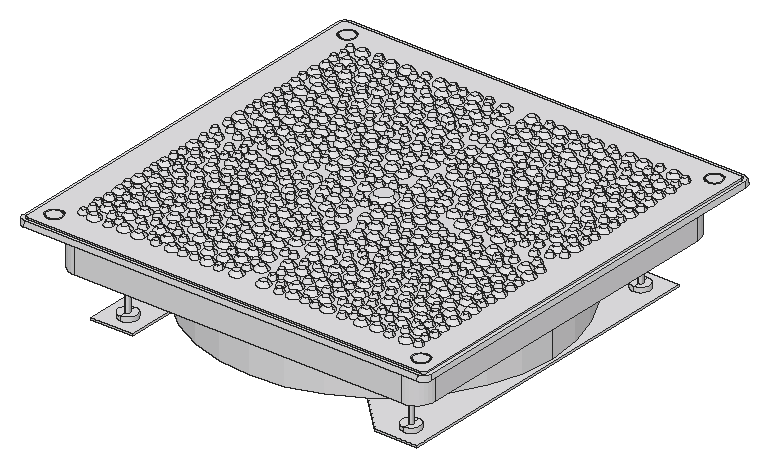
Revit family "Shower-Rainhead-KOHLER-REAL_RAIN-76728GL_1", category Plumbing Fixtures, host Face, Revit 2017 (continued)
Definition of nested family "76728GL"
  Lines and regions (in)
    symbolic lines, detail levels medium+fine
      curve 711: circle (-5.08311, 1.90856, 0) r 0.19685 normal (0, 0, -1)
      curve 712: circle (-7.88331, 0.66569, 0) r 0.11854 normal (0, 0, 1)
      curve 713: circle (-7.88331, 0.66569, 0) r 0.19685 normal (0, 0, -1)
      curve 714: circle (-7.47304, 0.36097, 0) r 0.11854 normal (0, 0, 1)
      curve 715: circle (-7.47304, 0.36097, 0) r 0.19685 normal (0, 0, -1)
      curve 716: circle (-6.68082, 0.72386, 0) r 0.11854 normal (0, 0, 1)
      curve 717: circle (-6.68082, 0.72386, 0) r 0.19685 normal (0, 0, -1)
      curve 718: circle (-6.08875, 0.96881, 0) r 0.11854 normal (0, 0, 1)
      curve 719: circle (-6.08875, 0.96881, 0) r 0.19685 normal (0, 0, -1)
      curve 720: circle (-6.19876, 0.49922, 0) r 0.11854 normal (0, 0, 1)
      curve 721: circle (-6.19876, 0.49922, 0) r 0.19685 normal (0, 0, -1)
      curve 722: circle (-6.93893, 0.08893, 0) r 0.11854 normal (0, 0, 1)
      curve 723: circle (-6.93893, 0.08893, 0) r 0.19685 normal (0, 0, -1)
      curve 724: circle (-6.37727, 0.01539, 0) r 0.11854 normal (0, 0, 1)
      curve 725: circle (-6.37727, 0.01539, 0) r 0.19685 normal (0, 0, -1)
      curve 726: circle (-5.80797, 0.14165, 0) r 0.11854 normal (0, 0, 1)
      curve 727: circle (-5.80797, 0.14165, 0) r 0.19685 normal (0, 0, -1)
      curve 728: circle (-4.72461, 0.40322, 0) r 0.11854 normal (0, 0, 1)
      curve 729: circle (-4.72461, 0.40322, 0) r 0.19685 normal (0, 0, -1)
      curve 730: circle (-3.90783, 0.92458, 0) r 0.11854 normal (0, 0, 1)
      curve 731: circle (-3.90783, 0.92458, 0) r 0.19685 normal (0, 0, -1)
      curve 732: circle (-4.00851, 1.48521, 0) r 0.11854 normal (0, 0, 1)
      curve 733: circle (-4.00851, 1.48521, 0) r 0.19685 normal (0, 0, -1)
      curve 734: circle (-3.39692, 0.78769, 0) r 0.11854 normal (0, 0, 1)
      curve 735: circle (-3.39692, 0.78769, 0) r 0.19685 normal (0, 0, -1)
      curve 736: circle (-2.40801, 1.67229, 0) r 0.11854 normal (0, 0, 1)
      curve 737: circle (-2.40801, 1.67229, 0) r 0.19685 normal (0, 0, -1)
      curve 738: circle (-1.73512, 1.62054, 0) r 0.11854 normal (0, 0, 1)
      curve 739: circle (-1.73512, 1.62054, 0) r 0.19685 normal (0, 0, -1)
      curve 740: circle (-0.72307, 2.21976, 0) r 0.11854 normal (0, 0, 1)
      curve 741: circle (-0.72307, 2.21976, 0) r 0.19685 normal (0, 0, -1)
      curve 742: circle (-1.65898, 0.69651, 0) r 0.11854 normal (0, 0, 1)
      curve 743: circle (-1.65898, 0.69651, 0) r 0.19685 normal (0, 0, -1)
      curve 744: circle (-1.1947, 0.69651, 0) r 0.11854 normal (0, 0, 1)
      curve 745: circle (-1.1947, 0.69651, 0) r 0.19685 normal (0, 0, -1)
      curve 746: circle (-0.67998, 0.59869, 0) r 0.11854 normal (0, 0, 1)
      curve 747: circle (-0.67998, 0.59869, 0) r 0.19685 normal (0, 0, -1)
      curve 748: circle (-0.23186, 0.84532, 0) r 0.11854 normal (0, 0, 1)
      curve 749: circle (-0.23186, 0.84532, 0) r 0.19685 normal (0, 0, -1)
      curve 750: circle (-0.63289, 3.15317, 0) r 0.11854 normal (0, 0, 1)
      curve 751: circle (-0.63289, 3.15317, 0) r 0.19685 normal (0, 0, -1)
      curve 752: circle (-1.49516, 3.15317, 0) r 0.11854 normal (0, 0, 1)
      curve 753: circle (-1.49516, 3.15317, 0) r 0.19685 normal (0, 0, -1)
      curve 754: circle (-7.29334, 4.24741, 0) r 0.15606 normal (0, 0, 1)
      curve 755: circle (-7.29334, 4.24741, 0) r 0.29156 normal (0, 0, -1)
      curve 756: circle (-7.82245, 3.12832, 0) r 0.15606 normal (0, 0, 1)
      curve 757: circle (-7.82245, 3.12832, 0) r 0.29156 normal (0, 0, -1)
      curve 758: circle (-6.85462, 3.34898, 0) r 0.15606 normal (0, 0, 1)
      curve 759: circle (-6.85462, 3.34898, 0) r 0.29156 normal (0, 0, -1)
      curve 760: circle (-5.62756, 3.80507, 0) r 0.15606 normal (0, 0, 1)
      curve 761: circle (-5.62756, 3.80507, 0) r 0.29156 normal (0, 0, -1)
      curve 762: circle (-4.82199, 3.45226, 0) r 0.15606 normal (0, 0, 1)
      curve 763: circle (-4.82199, 3.45226, 0) r 0.29156 normal (0, 0, -1)
      curve 764: circle (-5.40723, 3.12777, 0) r 0.15606 normal (0, 0, 1)
      curve 765: circle (-5.40723, 3.12777, 0) r 0.29156 normal (0, 0, -1)
      curve 766: circle (-6.36192, 2.89484, 0) r 0.15606 normal (0, 0, 1)
      curve 767: circle (-6.36192, 2.89484, 0) r 0.29156 normal (0, 0, -1)
      curve 768: circle (-4.34247, 4.91429, 0) r 0.15606 normal (0, 0, 1)
      curve 769: circle (-4.34247, 4.91429, 0) r 0.29156 normal (0, 0, -1)
      curve 770: circle (-4.4625, 3.93676, 0) r 0.15606 normal (0, 0, 1)
      curve 771: circle (-4.4625, 3.93676, 0) r 0.29156 normal (0, 0, -1)
      curve 772: circle (-5.01681, 4.83008, 0) r 0.15606 normal (0, 0, 1)
      curve 773: circle (-5.01681, 4.83008, 0) r 0.29156 normal (0, 0, -1)
      curve 774: circle (-6.18588, 4.25436, 0) r 0.15606 normal (0, 0, 1)
      curve 775: circle (-6.18588, 4.25436, 0) r 0.29156 normal (0, 0, -1)
      curve 776: circle (-5.34001, 5.40321, 0) r 0.15606 normal (0, 0, 1)
      curve 777: circle (-5.34001, 5.40321, 0) r 0.29156 normal (0, 0, -1)
      curve 778: circle (-3.51448, 5.55034, 0) r 0.15606 normal (0, 0, 1)
      curve 779: circle (-3.51448, 5.55034, 0) r 0.29156 normal (0, 0, -1)
      curve 780: circle (-3.10071, 4.88623, 0) r 0.15606 normal (0, 0, 1)
      curve 781: circle (-3.10071, 4.88623, 0) r 0.29156 normal (0, 0, -1)
      curve 782: circle (-3.31768, 4.03518, 0) r 0.15606 normal (0, 0, 1)
      curve 783: circle (-3.31768, 4.03518, 0) r 0.29156 normal (0, 0, -1)
      curve 784: circle (-2.06089, 4.71587, 0) r 0.15606 normal (0, 0, 1)
      curve 785: circle (-2.06089, 4.71587, 0) r 0.29156 normal (0, 0, -1)
      curve 786: circle (-5.00476, 6.00035, 0) r 0.15606 normal (0, 0, 1)
      curve 787: circle (-5.00476, 6.00035, 0) r 0.29156 normal (0, 0, -1)
      curve 788: circle (-3.84681, 6.21719, 0) r 0.15606 normal (0, 0, 1)
      curve 789: circle (-3.84681, 6.21719, 0) r 0.29156 normal (0, 0, -1)
      curve 790: circle (-4.8246, 7.08812, 0) r 0.15606 normal (0, 0, 1)
      curve 791: circle (-4.8246, 7.08812, 0) r 0.29156 normal (0, 0, -1)
      curve 792: circle (-3.29634, 6.68392, 0) r 0.15606 normal (0, 0, 1)
      curve 793: circle (-3.29634, 6.68392, 0) r 0.29156 normal (0, 0, -1)
      curve 794: circle (-2.82299, 5.45316, 0) r 0.15606 normal (0, 0, 1)
      curve 795: circle (-2.82299, 5.45316, 0) r 0.29156 normal (0, 0, -1)
      curve 796: circle (-2.05996, 5.39676, 0) r 0.15606 normal (0, 0, 1)
      curve 797: circle (-2.05996, 5.39676, 0) r 0.29156 normal (0, 0, -1)
      curve 798: circle (-1.75218, 6.02088, 0) r 0.15606 normal (0, 0, 1)
      curve 799: circle (-1.75218, 6.02088, 0) r 0.29156 normal (0, 0, -1)
      curve 800: circle (-2.30077, 6.44949, 0) r 0.15606 normal (0, 0, 1)
      curve 801: circle (-2.30077, 6.44949, 0) r 0.29156 normal (0, 0, -1)
      curve 802: circle (-1.14785, 6.27548, 0) r 0.15606 normal (0, 0, 1)
      curve 803: circle (-1.14785, 6.27548, 0) r 0.29156 normal (0, 0, -1)
      curve 804: circle (-1.14785, 6.94339, 0) r 0.15606 normal (0, 0, 1)
      curve 805: circle (-1.14785, 6.94339, 0) r 0.29156 normal (0, 0, -1)
      curve 806: circle (-0.45641, 6.19154, 0) r 0.15606 normal (0, 0, 1)
      curve 807: circle (-0.45641, 6.19154, 0) r 0.29156 normal (0, 0, -1)
      curve 808: circle (-0.12739, 7.05953, 0) r 0.15606 normal (0, 0, 1)
      curve 809: circle (-0.12739, 7.05953, 0) r 0.29156 normal (0, 0, -1)
      curve 810: circle (-1.6864, 7.28597, 0) r 0.15606 normal (0, 0, 1)
      curve 811: circle (-1.6864, 7.28597, 0) r 0.29156 normal (0, 0, -1)
      curve 812: circle (-2.41508, 7.24129, 0) r 0.15606 normal (0, 0, 1)
      curve 813: circle (-2.41508, 7.24129, 0) r 0.29156 normal (0, 0, -1)
      curve 814: circle (-3.13824, 7.35243, 0) r 0.15606 normal (0, 0, 1)
      curve 815: circle (-3.13824, 7.35243, 0) r 0.29156 normal (0, 0, -1)
      curve 816: circle (-4.20923, 7.35243, 0) r 0.15606 normal (0, 0, 1)
      curve 817: circle (-4.20923, 7.35243, 0) r 0.29156 normal (0, 0, -1)
      curve 818: circle (-3.64419, 7.85502, 0) r 0.15606 normal (0, 0, 1)
      curve 819: circle (-3.64419, 7.85502, 0) r 0.29156 normal (0, 0, -1)
      curve 820: circle (-2.00171, 7.83254, 0) r 0.15606 normal (0, 0, 1)
      curve 821: circle (-2.00171, 7.83254, 0) r 0.29156 normal (0, 0, -1)
      curve 822: circle (-0.62214, 7.83254, 0) r 0.15606 normal (0, 0, 1)
      curve 823: circle (-0.62214, 7.83254, 0) r 0.29156 normal (0, 0, -1)
      curve 824: circle (-1.0179, 2.83215, 0) r 0.15606 normal (0, 0, 1)
      curve 825: circle (-1.0179, 2.83215, 0) r 0.29156 normal (0, 0, -1)
      curve 826: circle (-1.58948, 2.55353, 0) r 0.15606 normal (0, 0, 1)
      curve 827: circle (-1.58948, 2.55353, 0) r 0.29156 normal (0, 0, -1)
      curve 828: circle (-0.13485, 2.26898, 0) r 0.15606 normal (0, 0, 1)
      curve 829: circle (-0.13485, 2.26898, 0) r 0.29156 normal (0, 0, -1)
      curve 830: circle (-0.13485, 2.97005, 0) r 0.15606 normal (0, 0, 1)
      curve 831: circle (-0.13485, 2.97005, 0) r 0.29156 normal (0, 0, -1)
      curve 832: circle (-2.07688, 2.06613, 0) r 0.15606 normal (0, 0, 1)
      curve 833: circle (-2.07688, 2.06613, 0) r 0.29156 normal (0, 0, -1)
      curve 834: circle (-2.77363, 2.76289, 0) r 0.15606 normal (0, 0, 1)
      curve 835: circle (-2.77363, 2.76289, 0) r 0.29156 normal (0, 0, -1)
      curve 836: circle (-2.06641, 3.27076, 0) r 0.15606 normal (0, 0, 1)
      curve 837: circle (-2.06641, 3.27076, 0) r 0.29156 normal (0, 0, -1)
      curve 838: circle (-3.18096, 3.27076, 0) r 0.15606 normal (0, 0, 1)
      curve 839: circle (-3.18096, 3.27076, 0) r 0.29156 normal (0, 0, -1)
      curve 840: circle (-0.31748, 3.59996, 0) r 0.15606 normal (0, 0, 1)
      curve 841: circle (-0.32978, 3.59996, 0) r 0.29156 normal (0, 0, -1)
      curve 842: circle (-1.39099, 3.68858, 0) r 0.15606 normal (0, 0, 1)
      curve 843: circle (-1.39099, 3.68858, 0) r 0.29156 normal (0, 0, -1)
      curve 844: circle (-1.14884, 1.89843, 0) r 0.15606 normal (0, 0, 1)
      curve 845: circle (-1.14884, 1.89843, 0) r 0.29156 normal (0, 0, -1)
      curve 846: circle (-1.29926, 1.3051, 0) r 0.15606 normal (0, 0, 1)
      curve 847: circle (-1.29926, 1.3051, 0) r 0.29156 normal (0, 0, -1)
      curve 848: circle (-1.98541, 1.08418, 0) r 0.15606 normal (0, 0, 1)
      curve 849: circle (-1.98541, 1.08418, 0) r 0.29156 normal (0, 0, -1)
      curve 850: circle (-2.74277, 1.24033, 0) r 0.15606 normal (0, 0, 1)
      curve 851: circle (-2.74277, 1.24033, 0) r 0.29156 normal (0, 0, -1)
      curve 852: circle (-3.01491, 1.80988, 0) r 0.15606 normal (0, 0, 1)
      curve 853: circle (-3.01491, 1.80988, 0) r 0.29156 normal (0, 0, -1)
      curve 854: circle (-3.67221, 2.12976, 0) r 0.15606 normal (0, 0, 1)
      curve 855: circle (-3.67221, 2.12976, 0) r 0.29156 normal (0, 0, -1)
      curve 856: circle (-4.14845, 2.79937, 0) r 0.15606 normal (0, 0, 1)
      curve 857: circle (-4.14845, 2.79937, 0) r 0.29156 normal (0, 0, -1)
      curve 858: circle (-3.46729, 1.38107, 0) r 0.15606 normal (0, 0, 1)
      curve 859: circle (-3.46729, 1.38107, 0) r 0.29156 normal (0, 0, -1)
      curve 860: circle (-4.51529, 1.81361, 0) r 0.15606 normal (0, 0, 1)
      curve 861: circle (-4.51529, 1.81361, 0) r 0.29156 normal (0, 0, -1)
      curve 862: circle (-4.78291, 2.40567, 0) r 0.15606 normal (0, 0, 1)
      curve 863: circle (-4.78291, 2.40567, 0) r 0.29156 normal (0, 0, -1)
      curve 864: circle (-0.64558, 1.19439, 0) r 0.15606 normal (0, 0, 1)
      curve 865: circle (-0.64558, 1.19439, 0) r 0.29156 normal (0, 0, -1)
      curve 866: circle (-0.48775, 1.77933, 0) r 0.15606 normal (0, 0, 1)
      curve 867: circle (-0.48775, 1.77933, 0) r 0.29156 normal (0, 0, -1)
      curve 868: circle (-1.44252, 5.04582, 0) r 0.15606 normal (0, 0, 1)
      curve 869: circle (-1.44252, 5.04582, 0) r 0.29156 normal (0, 0, -1)
      curve 870: circle (-1.12949, 4.45711, 0) r 0.15606 normal (0, 0, 1)
      curve 871: circle (-1.12949, 4.45711, 0) r 0.29156 normal (0, 0, -1)
      curve 872: circle (-0.82072, 5.15063, 0) r 0.15606 normal (0, 0, 1)
      curve 873: circle (-0.82072, 5.15063, 0) r 0.29156 normal (0, 0, -1)
      curve 874: circle (-0.37881, 4.65985, 0) r 0.15606 normal (0, 0, 1)
      curve 875: circle (-0.37881, 4.65985, 0) r 0.29156 normal (0, 0, -1)
      curve 876: circle (-7.08981, 2.1876, 0) r 0.15606 normal (0, 0, 1)
      curve 877: circle (-7.08981, 2.1876, 0) r 0.29156 normal (0, 0, -1)
      curve 878: circle (-6.26035, 2.31359, 0) r 0.15606 normal (0, 0, 1)
      curve 879: circle (-6.26035, 2.31359, 0) r 0.29156 normal (0, 0, -1)
      curve 880: circle (-5.59904, 2.08885, 0) r 0.15606 normal (0, 0, 1)
      curve 881: circle (-5.59904, 2.08885, 0) r 0.29156 normal (0, 0, -1)
      curve 882: circle (-7.83946, 1.37976, 0) r 0.15606 normal (0, 0, 1)
      curve 883: circle (-7.83946, 1.37976, 0) r 0.29156 normal (0, 0, -1)
      curve 884: circle (-6.94214, 1.47796, 0) r 0.15606 normal (0, 0, 1)
      curve 885: circle (-6.94214, 1.47796, 0) r 0.29156 normal (0, 0, -1)
      curve 886: circle (-5.89769, 1.52239, 0) r 0.15606 normal (0, 0, 1)
      curve 887: circle (-5.89769, 1.52239, 0) r 0.29156 normal (0, 0, -1)
      curve 888: circle (-7.36549, 0.92679, 0) r 0.15606 normal (0, 0, 1)
      curve 889: circle (-7.36549, 0.92679, 0) r 0.29156 normal (0, 0, -1)
      curve 890: circle (-5.64718, 0.68231, 0) r 0.15606 normal (0, 0, 1)
      curve 891: circle (-5.64718, 0.68231, 0) r 0.29156 normal (0, 0, -1)
      curve 892: circle (-5.06596, 0.91553, 0) r 0.15606 normal (0, 0, 1)
      curve 893: circle (-5.06596, 0.91553, 0) r 0.29156 normal (0, 0, -1)
      curve 894: circle (-4.443, 1.08836, 0) r 0.15606 normal (0, 0, 1)
      curve 895: circle (-4.443, 1.08836, 0) r 0.29156 normal (0, 0, -1)
      curve 896: circle (-5.2519, 0.1524, 0) r 0.15606 normal (0, 0, 1)
      curve 897: circle (-5.2519, 0.1524, 0) r 0.29156 normal (0, 0, -1)
      curve 898: circle (-4.17653, 0.36051, 0) r 0.15606 normal (0, 0, 1)
      curve 899: circle (-4.17653, 0.36051, 0) r 0.29156 normal (0, 0, -1)
      curve 900: circle (-3.52282, 0.15119, 0) r 0.15606 normal (0, 0, 1)
      curve 901: circle (-3.52282, 0.15119, 0) r 0.29156 normal (0, 0, -1)
      curve 902: circle (-2.82224, 0.57468, 0) r 0.15606 normal (0, 0, 1)
      curve 903: circle (-2.82224, 0.57468, 0) r 0.29156 normal (0, 0, -1)
      curve 904: circle (-2.14566, 0.53624, 0) r 0.15606 normal (0, 0, 1)
      curve 905: circle (-2.14566, 0.53624, 0) r 0.29156 normal (0, 0, -1)
      curve 906: arc (7.97233, 7.80181, 0) -> (7.85379, 7.68327, 0) -> (7.73525, 7.80181, 0) r 0.11854
      curve 907: arc (7.73525, 7.80181, 0) -> (7.85379, 7.92035, 0) -> (7.97233, 7.80181, 0) r 0.11854
      curve 908: arc (8.05064, 7.80181, 0) -> (7.85379, 7.99866, 0) -> (7.65694, 7.80181, 0) r 0.19685
      curve 909: arc (7.65694, 7.80181, 0) -> (7.85379, 7.60496, 0) -> (8.05064, 7.80181, 0) r 0.19685
      curve 910: arc (7.57586, 7.34201, 0) -> (7.77271, 7.14516, 0) -> (7.96956, 7.34201, 0) r 0.19685
      curve 911: arc (7.89125, 7.34201, 0) -> (7.77271, 7.22347, 0) -> (7.65417, 7.34201, 0) r 0.11854
      curve 912: arc (7.65417, 7.34201, 0) -> (7.77271, 7.46055, 0) -> (7.89125, 7.34201, 0) r 0.11854
      curve 913: arc (7.18117, 7.0114, 0) -> (7.33724, 7.16746, 0) -> (7.4933, 7.0114, 0) r 0.15606
      curve 914: arc (7.6288, 7.0114, 0) -> (7.33724, 7.30296, 0) -> (7.04568, 7.0114, 0) r 0.29156
      curve 915: arc (7.7732, 6.89778, 0) -> (7.89174, 7.01632, 0) -> (8.01028, 6.89778, 0) r 0.11854
      curve 916: arc (8.01028, 6.89778, 0) -> (7.89174, 6.77924, 0) -> (7.7732, 6.89778, 0) r 0.11854
      curve 917: arc (7.69489, 6.89778, 0) -> (7.89174, 6.70093, 0) -> (8.08859, 6.89778, 0) r 0.19685
      curve 918: arc (8.08859, 6.89778, 0) -> (7.89174, 7.09463, 0) -> (7.69489, 6.89778, 0) r 0.19685
      curve 919: arc (7.96956, 7.34201, 0) -> (7.77271, 7.53886, 0) -> (7.57586, 7.34201, 0) r 0.19685
      curve 920: arc (7.06528, 7.33037, 0) -> (6.86843, 7.52722, 0) -> (6.67158, 7.33037, 0) r 0.19685
      curve 921: arc (6.74989, 7.33037, 0) -> (6.86843, 7.44891, 0) -> (6.98697, 7.33037, 0) r 0.11854
      curve 922: arc (6.98697, 7.33037, 0) -> (6.86843, 7.21183, 0) -> (6.74989, 7.33037, 0) r 0.11854
      curve 923: arc (6.67158, 7.33037, 0) -> (6.86843, 7.13352, 0) -> (7.06528, 7.33037, 0) r 0.19685
      curve 924: arc (7.4933, 7.0114, 0) -> (7.33724, 6.85533, 0) -> (7.18117, 7.0114, 0) r 0.15606
      curve 925: arc (7.04568, 7.0114, 0) -> (7.33724, 6.71984, 0) -> (7.6288, 7.0114, 0) r 0.29156
      curve 926: arc (7.67856, 6.32854, 0) -> (7.79667, 6.44665, 0) -> (7.91478, 6.32854, 0) r 0.11811
      curve 927: arc (7.91478, 6.32854, 0) -> (7.79667, 6.21043, 0) -> (7.67856, 6.32854, 0) r 0.11811
      curve 928: arc (8.03289, 6.32854, 0) -> (7.79667, 6.56476, 0) -> (7.56045, 6.32854, 0) r 0.23622
      curve 929: arc (7.56045, 6.32854, 0) -> (7.79667, 6.09232, 0) -> (8.03289, 6.32854, 0) r 0.23622
      curve 930: arc (7.13487, 6.43069, 0) -> (7.25341, 6.54923, 0) -> (7.37195, 6.43069, 0) r 0.11854
      curve 931: arc (7.37195, 6.43069, 0) -> (7.25341, 6.31215, 0) -> (7.13487, 6.43069, 0) r 0.11854
      curve 932: arc (7.05656, 6.43069, 0) -> (7.25341, 6.23384, 0) -> (7.45026, 6.43069, 0) r 0.19685
      curve 933: arc (7.45026, 6.43069, 0) -> (7.25341, 6.62754, 0) -> (7.05656, 6.43069, 0) r 0.19685
      curve 934: arc (7.00745, 6.71547, 0) -> (6.88891, 6.59693, 0) -> (6.77037, 6.71547, 0) r 0.11854
      curve 935: arc (6.77037, 6.71547, 0) -> (6.88891, 6.83401, 0) -> (7.00745, 6.71547, 0) r 0.11854
      curve 936: arc (7.08576, 6.71547, 0) -> (6.88891, 6.91232, 0) -> (6.69206, 6.71547, 0) r 0.19685
      curve 937: arc (6.69206, 6.71547, 0) -> (6.88891, 6.51862, 0) -> (7.08576, 6.71547, 0) r 0.19685
      curve 938: arc (6.5401, 6.94474, 0) -> (6.38403, 6.78868, 0) -> (6.22797, 6.94474, 0) r 0.15606
      curve 939: arc (6.22797, 6.94474, 0) -> (6.38403, 7.10081, 0) -> (6.5401, 6.94474, 0) r 0.15606
      curve 940: arc (6.67559, 6.94474, 0) -> (6.38403, 7.2363, 0) -> (6.09247, 6.94474, 0) r 0.29156
      curve 941: arc (6.09247, 6.94474, 0) -> (6.38403, 6.65318, 0) -> (6.67559, 6.94474, 0) r 0.29156
      curve 942: arc (7.4644, 7.84791, 0) -> (7.30834, 7.69185, 0) -> (7.15228, 7.84791, 0) r 0.15606
      curve 943: arc (7.01678, 7.84791, 0) -> (7.30834, 7.55635, 0) -> (7.5999, 7.84791, 0) r 0.29156
      curve 944: arc (6.25934, 7.49929, 0) -> (6.37788, 7.61783, 0) -> (6.49642, 7.49929, 0) r 0.11854
      curve 945: arc (6.49642, 7.49929, 0) -> (6.37788, 7.38075, 0) -> (6.25934, 7.49929, 0) r 0.11854
      curve 946: arc (6.57473, 7.49929, 0) -> (6.37788, 7.69614, 0) -> (6.18103, 7.49929, 0) r 0.19685
      curve 947: arc (6.18103, 7.49929, 0) -> (6.37788, 7.30244, 0) -> (6.57473, 7.49929, 0) r 0.19685
      curve 948: arc (5.95426, 6.95862, 0) -> (5.83572, 6.84008, 0) -> (5.71718, 6.95862, 0) r 0.11854
      curve 949: arc (5.71718, 6.95862, 0) -> (5.83572, 7.07716, 0) -> (5.95426, 6.95862, 0) r 0.11854
      curve 950: arc (5.63887, 6.95862, 0) -> (5.83572, 6.76177, 0) -> (6.03257, 6.95862, 0) r 0.19685
      curve 951: arc (6.03257, 6.95862, 0) -> (5.83572, 7.15547, 0) -> (5.63887, 6.95862, 0) r 0.19685
      curve 952: arc (6.69785, 7.92317, 0) -> (6.57931, 7.80463, 0) -> (6.46077, 7.92317, 0) r 0.11854
      curve 953: arc (6.38246, 7.92317, 0) -> (6.57931, 7.72632, 0) -> (6.77616, 7.92317, 0) r 0.19685
      curve 954: arc (6.46077, 7.92317, 0) -> (6.57931, 8.04171, 0) -> (6.69785, 7.92317, 0) r 0.11854
      curve 955: arc (6.77616, 7.92317, 0) -> (6.57931, 8.12002, 0) -> (6.38246, 7.92317, 0) r 0.19685
      curve 956: arc (5.06468, 7.84791, 0) -> (5.22074, 8.00398, 0) -> (5.37681, 7.84791, 0) r 0.15606
      curve 957: arc (5.37681, 7.84791, 0) -> (5.22074, 7.69185, 0) -> (5.06468, 7.84791, 0) r 0.15606
      curve 958: arc (5.5123, 7.84791, 0) -> (5.22074, 8.13947, 0) -> (4.92918, 7.84791, 0) r 0.29156
      curve 959: arc (4.92918, 7.84791, 0) -> (5.22074, 7.55635, 0) -> (5.5123, 7.84791, 0) r 0.29156
      curve 960: arc (6.07406, 7.79916, 0) -> (5.91799, 7.64309, 0) -> (5.76193, 7.79916, 0) r 0.15606
      curve 961: arc (5.76193, 7.79916, 0) -> (5.91799, 7.95522, 0) -> (6.07406, 7.79916, 0) r 0.15606
      curve 962: arc (6.20955, 7.79916, 0) -> (5.91799, 8.09072, 0) -> (5.62643, 7.79916, 0) r 0.29156
      curve 963: arc (5.62643, 7.79916, 0) -> (5.91799, 7.5076, 0) -> (6.20955, 7.79916, 0) r 0.29156
      curve 964: arc (7.15228, 7.84791, 0) -> (7.30834, 8.00398, 0) -> (7.4644, 7.84791, 0) r 0.15606
      curve 965: arc (7.5999, 7.84791, 0) -> (7.30834, 8.13947, 0) -> (7.01678, 7.84791, 0) r 0.29156
      curve 966: arc (5.33493, 7.3028, 0) -> (5.45347, 7.42134, 0) -> (5.57201, 7.3028, 0) r 0.11854
      curve 967: arc (5.57201, 7.3028, 0) -> (5.45347, 7.18426, 0) -> (5.33493, 7.3028, 0) r 0.11854
      curve 968: arc (5.25662, 7.3028, 0) -> (5.45347, 7.10595, 0) -> (5.65032, 7.3028, 0) r 0.19685
      curve 969: arc (5.65032, 7.3028, 0) -> (5.45347, 7.49965, 0) -> (5.25662, 7.3028, 0) r 0.19685
      curve 970: arc (5.9672, 6.37778, 0) -> (6.12326, 6.53384, 0) -> (6.27933, 6.37778, 0) r 0.15606
      curve 971: arc (6.27933, 6.37778, 0) -> (6.12326, 6.22171, 0) -> (5.9672, 6.37778, 0) r 0.15606
      curve 972: arc (6.41482, 6.37778, 0) -> (6.12326, 6.66934, 0) -> (5.8317, 6.37778, 0) r 0.29156
      curve 973: arc (5.8317, 6.37778, 0) -> (6.12326, 6.08622, 0) -> (6.41482, 6.37778, 0) r 0.29156
      curve 974: arc (6.59481, 6.20013, 0) -> (6.75087, 6.3562, 0) -> (6.90694, 6.20013, 0) r 0.15606
      curve 975: arc (6.90694, 6.20013, 0) -> (6.75087, 6.04407, 0) -> (6.59481, 6.20013, 0) r 0.15606
      curve 976: arc (6.45931, 6.20013, 0) -> (6.75087, 5.90857, 0) -> (7.04243, 6.20013, 0) r 0.29156
      curve 977: arc (7.04243, 6.20013, 0) -> (6.75087, 6.49169, 0) -> (6.45931, 6.20013, 0) r 0.29156
      curve 978: arc (7.42192, 5.93266, 0) -> (7.30338, 5.81412, 0) -> (7.18484, 5.93266, 0) r 0.11854
      curve 979: arc (7.18484, 5.93266, 0) -> (7.30338, 6.0512, 0) -> (7.42192, 5.93266, 0) r 0.11854
      curve 980: arc (7.50023, 5.93266, 0) -> (7.30338, 6.12951, 0) -> (7.10653, 5.93266, 0) r 0.19685
      curve 981: arc (7.10653, 5.93266, 0) -> (7.30338, 5.73581, 0) -> (7.50023, 5.93266, 0) r 0.19685
      curve 982: arc (7.65638, 5.70698, 0) -> (7.81244, 5.86304, 0) -> (7.9685, 5.70698, 0) r 0.15606
      curve 983: arc (7.9685, 5.70698, 0) -> (7.81244, 5.55092, 0) -> (7.65638, 5.70698, 0) r 0.15606
      curve 984: arc (8.104, 5.70698, 0) -> (7.81244, 5.99854, 0) -> (7.52088, 5.70698, 0) r 0.29156
      curve 985: arc (7.52088, 5.70698, 0) -> (7.81244, 5.41542, 0) -> (8.104, 5.70698, 0) r 0.29156
      curve 986: arc (7.79876, 5.13688, 0) -> (7.9173, 5.25542, 0) -> (8.03584, 5.13688, 0) r 0.11854
      curve 987: arc (8.03584, 5.13688, 0) -> (7.9173, 5.01834, 0) -> (7.79876, 5.13688, 0) r 0.11854
      curve 988: arc (8.11415, 5.13688, 0) -> (7.9173, 5.33373, 0) -> (7.72045, 5.13688, 0) r 0.19685
      curve 989: arc (7.72045, 5.13688, 0) -> (7.9173, 4.94003, 0) -> (8.11415, 5.13688, 0) r 0.19685
      curve 990: arc (7.18958, 5.26479, 0) -> (7.34564, 5.42085, 0) -> (7.50171, 5.26479, 0) r 0.15606
      curve 991: arc (7.50171, 5.26479, 0) -> (7.34564, 5.10873, 0) -> (7.18958, 5.26479, 0) r 0.15606
      curve 992: arc (7.6372, 5.26479, 0) -> (7.34564, 5.55635, 0) -> (7.05408, 5.26479, 0) r 0.29156
      curve 993: arc (7.21591, 4.79899, 0) -> (6.92435, 5.09055, 0) -> (6.63279, 4.79899, 0) r 0.29156
      curve 994: arc (7.05408, 5.26479, 0) -> (7.34564, 4.97323, 0) -> (7.6372, 5.26479, 0) r 0.29156
      curve 995: circle (7.82128, 4.58149, 0) r 0.15606 normal (0, 0, -1)
      curve 996: circle (7.82128, 4.58149, 0) r 0.29156 normal (0, 0, 1)
      curve 997: arc (6.76828, 4.79899, 0) -> (6.92435, 4.95505, 0) -> (7.08041, 4.79899, 0) r 0.15606
      curve 998: arc (7.08041, 4.79899, 0) -> (6.92435, 4.64293, 0) -> (6.76828, 4.79899, 0) r 0.15606
      curve 999: arc (6.63279, 4.79899, 0) -> (6.92435, 4.50743, 0) -> (7.21591, 4.79899, 0) r 0.29156
      curve 1000: arc (7.0422, 5.66677, 0) -> (6.92366, 5.54823, 0) -> (6.80512, 5.66677, 0) r 0.11854
      curve 1001: arc (6.80512, 5.66677, 0) -> (6.92366, 5.78531, 0) -> (7.0422, 5.66677, 0) r 0.11854
      curve 1002: arc (6.72681, 5.66677, 0) -> (6.92366, 5.46992, 0) -> (7.12051, 5.66677, 0) r 0.19685
      curve 1003: arc (7.12051, 5.66677, 0) -> (6.92366, 5.86362, 0) -> (6.72681, 5.66677, 0) r 0.19685
      curve 1004: arc (6.12204, 5.64932, 0) -> (6.2781, 5.80538, 0) -> (6.43417, 5.64932, 0) r 0.15606
      curve 1005: arc (6.43417, 5.64932, 0) -> (6.2781, 5.49326, 0) -> (6.12204, 5.64932, 0) r 0.15606
      curve 1006: arc (6.56966, 5.64932, 0) -> (6.2781, 5.94088, 0) -> (5.98654, 5.64932, 0) r 0.29156
      curve 1007: arc (5.98654, 5.64932, 0) -> (6.2781, 5.35776, 0) -> (6.56966, 5.64932, 0) r 0.29156
      curve 1008: arc (6.53704, 5.25006, 0) -> (6.65558, 5.3686, 0) -> (6.77413, 5.25006, 0) r 0.11854
      curve 1009: arc (6.77413, 5.25006, 0) -> (6.65558, 5.13152, 0) -> (6.53704, 5.25006, 0) r 0.11854
      curve 1010: arc (6.85244, 5.25006, 0) -> (6.65558, 5.44691, 0) -> (6.45873, 5.25006, 0) r 0.19685
      curve 1011: arc (6.45873, 5.25006, 0) -> (6.65558, 5.05321, 0) -> (6.85244, 5.25006, 0) r 0.19685
      curve 1012: arc (5.74964, 5.25006, 0) -> (5.86818, 5.3686, 0) -> (5.98672, 5.25006, 0) r 0.11854
      curve 1013: arc (5.98672, 5.25006, 0) -> (5.86818, 5.13152, 0) -> (5.74964, 5.25006, 0) r 0.11854
      curve 1014: arc (6.06503, 5.25006, 0) -> (5.86818, 5.44691, 0) -> (5.67133, 5.25006, 0) r 0.19685
      curve 1015: arc (5.67133, 5.25006, 0) -> (5.86818, 5.05321, 0) -> (6.06503, 5.25006, 0) r 0.19685
      curve 1016: arc (6.12211, 4.86607, 0) -> (6.27818, 5.02214, 0) -> (6.43424, 4.86607, 0) r 0.15606
      curve 1017: arc (6.43424, 4.86607, 0) -> (6.27818, 4.71001, 0) -> (6.12211, 4.86607, 0) r 0.15606
      curve 1018: arc (5.98662, 4.86607, 0) -> (6.27818, 4.57451, 0) -> (6.56974, 4.86607, 0) r 0.29156
      curve 1019: arc (6.56974, 4.86607, 0) -> (6.27818, 5.15763, 0) -> (5.98662, 4.86607, 0) r 0.29156
      curve 1020: arc (4.61324, 7.65089, 0) -> (4.73178, 7.76943, 0) -> (4.85032, 7.65089, 0) r 0.11854
      curve 1021: arc (4.85032, 7.65089, 0) -> (4.73178, 7.53235, 0) -> (4.61324, 7.65089, 0) r 0.11854
      curve 1022: arc (4.53493, 7.65089, 0) -> (4.73178, 7.45404, 0) -> (4.92863, 7.65089, 0) r 0.19685
      curve 1023: arc (4.92863, 7.65089, 0) -> (4.73178, 7.84774, 0) -> (4.53493, 7.65089, 0) r 0.19685
      curve 1024: arc (5.17716, 6.74381, 0) -> (5.2957, 6.86235, 0) -> (5.41424, 6.74381, 0) r 0.11854
      curve 1025: arc (5.41424, 6.74381, 0) -> (5.2957, 6.62527, 0) -> (5.17716, 6.74381, 0) r 0.11854
      curve 1026: arc (5.09885, 6.74381, 0) -> (5.2957, 6.54696, 0) -> (5.49255, 6.74381, 0) r 0.19685
      curve 1027: arc (5.49255, 6.74381, 0) -> (5.2957, 6.94066, 0) -> (5.09885, 6.74381, 0) r 0.19685
      curve 1028: arc (4.24755, 7.90694, 0) -> (4.36609, 8.02548, 0) -> (4.48464, 7.90694, 0) r 0.11854
      curve 1029: arc (4.48464, 7.90694, 0) -> (4.36609, 7.7884, 0) -> (4.24755, 7.90694, 0) r 0.11854
      curve 1030: arc (4.16924, 7.90694, 0) -> (4.36609, 7.71009, 0) -> (4.56295, 7.90694, 0) r 0.19685
      curve 1031: arc (4.56295, 7.90694, 0) -> (4.36609, 8.10379, 0) -> (4.16924, 7.90694, 0) r 0.19685
      curve 1032: arc (2.98194, 7.90694, 0) -> (3.10048, 8.02548, 0) -> (3.21902, 7.90694, 0) r 0.11854
      curve 1033: arc (3.21902, 7.90694, 0) -> (3.10048, 7.7884, 0) -> (2.98194, 7.90694, 0) r 0.11854
      curve 1034: arc (2.90363, 7.90694, 0) -> (3.10048, 7.71009, 0) -> (3.29733, 7.90694, 0) r 0.19685
      curve 1035: arc (3.29733, 7.90694, 0) -> (3.10048, 8.10379, 0) -> (2.90363, 7.90694, 0) r 0.19685
      curve 1036: arc (3.61028, 7.08506, 0) -> (3.72882, 7.2036, 0) -> (3.84736, 7.08506, 0) r 0.11854
      curve 1037: arc (3.84736, 7.08506, 0) -> (3.72882, 6.96652, 0) -> (3.61028, 7.08506, 0) r 0.11854
      curve 1038: arc (3.53197, 7.08506, 0) -> (3.72882, 6.88821, 0) -> (3.92567, 7.08506, 0) r 0.19685
      curve 1039: arc (3.92567, 7.08506, 0) -> (3.72882, 7.28191, 0) -> (3.53197, 7.08506, 0) r 0.19685
      curve 1040: arc (2.47489, 7.84973, 0) -> (2.59343, 7.96827, 0) -> (2.71197, 7.84973, 0) r 0.11854
      curve 1041: arc (2.71197, 7.84973, 0) -> (2.59343, 7.73118, 0) -> (2.47489, 7.84973, 0) r 0.11854
      curve 1042: arc (2.39658, 7.84973, 0) -> (2.59343, 7.65287, 0) -> (2.79028, 7.84973, 0) r 0.19685
      curve 1043: arc (2.79028, 7.84973, 0) -> (2.59343, 8.04658, 0) -> (2.39658, 7.84973, 0) r 0.19685
      curve 1044: arc (2.64312, 6.80387, 0) -> (2.76166, 6.92241, 0) -> (2.8802, 6.80387, 0) r 0.11854
      curve 1045: arc (2.8802, 6.80387, 0) -> (2.76166, 6.68533, 0) -> (2.64312, 6.80387, 0) r 0.11854
      curve 1046: arc (2.56481, 6.80387, 0) -> (2.76166, 6.60702, 0) -> (2.95851, 6.80387, 0) r 0.19685
      curve 1047: arc (2.95851, 6.80387, 0) -> (2.76166, 7.00072, 0) -> (2.56481, 6.80387, 0) r 0.19685
      curve 1048: arc (4.09031, 6.80387, 0) -> (4.20885, 6.92241, 0) -> (4.32739, 6.80387, 0) r 0.11854
      curve 1049: arc (4.32739, 6.80387, 0) -> (4.20885, 6.68533, 0) -> (4.09031, 6.80387, 0) r 0.11854
      curve 1050: arc (4.012, 6.80387, 0) -> (4.20885, 6.60702, 0) -> (4.4057, 6.80387, 0) r 0.19685
      curve 1051: arc (4.4057, 6.80387, 0) -> (4.20885, 7.00072, 0) -> (4.012, 6.80387, 0) r 0.19685
      curve 1052: arc (4.54622, 6.52269, 0) -> (4.66476, 6.64123, 0) -> (4.7833, 6.52269, 0) r 0.11854
      curve 1053: arc (4.7833, 6.52269, 0) -> (4.66476, 6.40415, 0) -> (4.54622, 6.52269, 0) r 0.11854
      curve 1054: arc (4.46791, 6.52269, 0) -> (4.66476, 6.32584, 0) -> (4.86161, 6.52269, 0) r 0.19685
      curve 1055: arc (4.86161, 6.52269, 0) -> (4.66476, 6.71954, 0) -> (4.46791, 6.52269, 0) r 0.19685
      curve 1056: arc (5.42258, 6.27957, 0) -> (5.54112, 6.39811, 0) -> (5.65966, 6.27957, 0) r 0.11854
      curve 1057: arc (5.65966, 6.27957, 0) -> (5.54112, 6.16103, 0) -> (5.42258, 6.27957, 0) r 0.11854
      curve 1058: arc (5.34427, 6.27957, 0) -> (5.54112, 6.08272, 0) -> (5.73797, 6.27957, 0) r 0.19685
      curve 1059: arc (5.73797, 6.27957, 0) -> (5.54112, 6.47642, 0) -> (5.34427, 6.27957, 0) r 0.19685
      curve 1060: arc (5.54072, 5.78627, 0) -> (5.65926, 5.90482, 0) -> (5.7778, 5.78627, 0) r 0.11854
      curve 1061: arc (5.7778, 5.78627, 0) -> (5.65926, 5.66773, 0) -> (5.54072, 5.78627, 0) r 0.11854
      curve 1062: arc (5.46241, 5.78627, 0) -> (5.65926, 5.58942, 0) -> (5.85611, 5.78627, 0) r 0.19685
      curve 1063: arc (5.85611, 5.78627, 0) -> (5.65926, 5.98313, 0) -> (5.46241, 5.78627, 0) r 0.19685
      curve 1064: arc (4.26519, 6.02662, 0) -> (4.38373, 6.14516, 0) -> (4.50227, 6.02662, 0) r 0.11854
      curve 1065: arc (4.50227, 6.02662, 0) -> (4.38373, 5.90808, 0) -> (4.26519, 6.02662, 0) r 0.11854
      curve 1066: arc (4.18688, 6.02662, 0) -> (4.38373, 5.82977, 0) -> (4.58058, 6.02662, 0) r 0.19685
      curve 1067: arc (4.58058, 6.02662, 0) -> (4.38373, 6.22347, 0) -> (4.18688, 6.02662, 0) r 0.19685
      curve 1068: arc (4.53176, 5.39897, 0) -> (4.6503, 5.51751, 0) -> (4.76884, 5.39897, 0) r 0.11854
      curve 1069: arc (4.76884, 5.39897, 0) -> (4.6503, 5.28043, 0) -> (4.53176, 5.39897, 0) r 0.11854
      curve 1070: arc (4.45345, 5.39897, 0) -> (4.6503, 5.20212, 0) -> (4.84715, 5.39897, 0) r 0.19685
      curve 1071: arc (4.84715, 5.39897, 0) -> (4.6503, 5.59582, 0) -> (4.45345, 5.39897, 0) r 0.19685
      curve 1072: arc (4.01766, 5.51334, 0) -> (4.1362, 5.63189, 0) -> (4.25474, 5.51334, 0) r 0.11854
      curve 1073: arc (4.25474, 5.51334, 0) -> (4.1362, 5.3948, 0) -> (4.01766, 5.51334, 0) r 0.11854
      curve 1074: arc (3.93935, 5.51334, 0) -> (4.1362, 5.31649, 0) -> (4.33305, 5.51334, 0) r 0.19685
      curve 1075: arc (4.33305, 5.51334, 0) -> (4.1362, 5.7102, 0) -> (3.93935, 5.51334, 0) r 0.19685
      curve 1076: arc (3.66705, 5.08924, 0) -> (3.78559, 5.20778, 0) -> (3.90413, 5.08924, 0) r 0.11854
      curve 1077: arc (3.90413, 5.08924, 0) -> (3.78559, 4.9707, 0) -> (3.66705, 5.08924, 0) r 0.11854
      curve 1078: arc (3.58874, 5.08924, 0) -> (3.78559, 4.89239, 0) -> (3.98244, 5.08924, 0) r 0.19685
      curve 1079: arc (3.98244, 5.08924, 0) -> (3.78559, 5.28609, 0) -> (3.58874, 5.08924, 0) r 0.19685
      curve 1080: arc (5.53916, 4.78288, 0) -> (5.6577, 4.90142, 0) -> (5.77624, 4.78288, 0) r 0.11854
      curve 1081: arc (5.77624, 4.78288, 0) -> (5.6577, 4.66434, 0) -> (5.53916, 4.78288, 0) r 0.11854
      curve 1082: arc (5.46085, 4.78288, 0) -> (5.6577, 4.58603, 0) -> (5.85455, 4.78288, 0) r 0.19685
      curve 1083: arc (5.85455, 4.78288, 0) -> (5.6577, 4.97973, 0) -> (5.46085, 4.78288, 0) r 0.19685
      curve 1084: arc (3.09302, 6.01662, 0) -> (3.21156, 6.13516, 0) -> (3.3301, 6.01662, 0) r 0.11854
      curve 1085: arc (3.3301, 6.01662, 0) -> (3.21156, 5.89808, 0) -> (3.09302, 6.01662, 0) r 0.11854
      curve 1086: arc (3.01471, 6.01662, 0) -> (3.21156, 5.81977, 0) -> (3.40841, 6.01662, 0) r 0.19685
      curve 1087: arc (3.40841, 6.01662, 0) -> (3.21156, 6.21347, 0) -> (3.01471, 6.01662, 0) r 0.19685
      curve 1088: arc (2.27158, 5.87499, 0) -> (2.39012, 5.99353, 0) -> (2.50867, 5.87499, 0) r 0.11854
      curve 1089: arc (2.50867, 5.87499, 0) -> (2.39012, 5.75644, 0) -> (2.27158, 5.87499, 0) r 0.11854
      curve 1090: arc (2.19327, 5.87499, 0) -> (2.39012, 5.67813, 0) -> (2.58698, 5.87499, 0) r 0.19685
      curve 1091: arc (2.58698, 5.87499, 0) -> (2.39012, 6.07184, 0) -> (2.19327, 5.87499, 0) r 0.19685
      curve 1092: arc (2.37257, 5.01257, 0) -> (2.49111, 5.13111, 0) -> (2.60965, 5.01257, 0) r 0.11854
      curve 1093: arc (2.60965, 5.01257, 0) -> (2.49111, 4.89403, 0) -> (2.37257, 5.01257, 0) r 0.11854
      curve 1094: arc (2.29426, 5.01257, 0) -> (2.49111, 4.81572, 0) -> (2.68796, 5.01257, 0) r 0.19685
      curve 1095: arc (2.68796, 5.01257, 0) -> (2.49111, 5.20942, 0) -> (2.29426, 5.01257, 0) r 0.19685
      curve 1096: arc (1.23964, 5.59712, 0) -> (1.35818, 5.71566, 0) -> (1.47672, 5.59712, 0) r 0.11854
      curve 1097: arc (1.47672, 5.59712, 0) -> (1.35818, 5.47858, 0) -> (1.23964, 5.59712, 0) r 0.11854
      curve 1098: arc (1.16133, 5.59712, 0) -> (1.35818, 5.40027, 0) -> (1.55503, 5.59712, 0) r 0.19685
      curve 1099: arc (1.55503, 5.59712, 0) -> (1.35818, 5.79397, 0) -> (1.16133, 5.59712, 0) r 0.19685
      curve 1100: arc (0.74576, 5.70373, 0) -> (0.8643, 5.82227, 0) -> (0.98284, 5.70373, 0) r 0.11854
      curve 1101: arc (0.98284, 5.70373, 0) -> (0.8643, 5.58519, 0) -> (0.74576, 5.70373, 0) r 0.11854
      curve 1102: arc (0.66745, 5.70373, 0) -> (0.8643, 5.50688, 0) -> (1.06115, 5.70373, 0) r 0.19685
      curve 1103: arc (1.06115, 5.70373, 0) -> (0.8643, 5.90058, 0) -> (0.66745, 5.70373, 0) r 0.19685
      curve 1104: arc (2.65714, 6.17692, 0) -> (2.77568, 6.29546, 0) -> (2.89422, 6.17692, 0) r 0.11854
      curve 1105: arc (2.89422, 6.17692, 0) -> (2.77568, 6.05838, 0) -> (2.65714, 6.17692, 0) r 0.11854
      curve 1106: arc (2.57883, 6.17692, 0) -> (2.77568, 5.98007, 0) -> (2.97253, 6.17692, 0) r 0.19685
      curve 1107: arc (2.97253, 6.17692, 0) -> (2.77568, 6.37377, 0) -> (2.57883, 6.17692, 0) r 0.19685
      curve 1108: arc (1.66577, 6.68216, 0) -> (1.78431, 6.8007, 0) -> (1.90285, 6.68216, 0) r 0.11854
      curve 1109: arc (1.90285, 6.68216, 0) -> (1.78431, 6.56362, 0) -> (1.66577, 6.68216, 0) r 0.11854
      curve 1110: arc (1.58746, 6.68216, 0) -> (1.78431, 6.48531, 0) -> (1.98116, 6.68216, 0) r 0.19685
      curve 1111: arc (1.98116, 6.68216, 0) -> (1.78431, 6.87901, 0) -> (1.58746, 6.68216, 0) r 0.19685
      curve 1112: arc (0.47774, 6.74916, 0) -> (0.59628, 6.8677, 0) -> (0.71482, 6.74916, 0) r 0.11854
      curve 1113: arc (0.71482, 6.74916, 0) -> (0.59628, 6.63062, 0) -> (0.47774, 6.74916, 0) r 0.11854
      curve 1114: arc (0.39943, 6.74916, 0) -> (0.59628, 6.55231, 0) -> (0.79313, 6.74916, 0) r 0.19685
      curve 1115: arc (0.79313, 6.74916, 0) -> (0.59628, 6.94601, 0) -> (0.39943, 6.74916, 0) r 0.19685
      curve 1116: arc (0.47774, 7.28378, 0) -> (0.59628, 7.40232, 0) -> (0.71482, 7.28378, 0) r 0.11854
      curve 1117: arc (0.71482, 7.28378, 0) -> (0.59628, 7.16524, 0) -> (0.47774, 7.28378, 0) r 0.11854
      curve 1118: arc (0.39943, 7.28378, 0) -> (0.59628, 7.08693, 0) -> (0.79313, 7.28378, 0) r 0.19685
      curve 1119: arc (0.79313, 7.28378, 0) -> (0.59628, 7.48063, 0) -> (0.39943, 7.28378, 0) r 0.19685
      curve 1120: arc (1.05645, 7.49767, 0) -> (1.17499, 7.61621, 0) -> (1.29354, 7.49767, 0) r 0.11854
      curve 1121: arc (1.29354, 7.49767, 0) -> (1.17499, 7.37913, 0) -> (1.05645, 7.49767, 0) r 0.11854
      curve 1122: arc (0.97814, 7.49767, 0) -> (1.17499, 7.30082, 0) -> (1.37185, 7.49767, 0) r 0.19685
      curve 1123: arc (1.37185, 7.49767, 0) -> (1.17499, 7.69452, 0) -> (0.97814, 7.49767, 0) r 0.19685
      curve 1124: arc (1.2954, 7.91154, 0) -> (1.41394, 8.03008, 0) -> (1.53248, 7.91154, 0) r 0.11854
      curve 1125: arc (1.53248, 7.91154, 0) -> (1.41394, 7.793, 0) -> (1.2954, 7.91154, 0) r 0.11854
      curve 1126: arc (1.21709, 7.91154, 0) -> (1.41394, 7.71469, 0) -> (1.61079, 7.91154, 0) r 0.19685
      curve 1127: arc (1.61079, 7.91154, 0) -> (1.41394, 8.10839, 0) -> (1.21709, 7.91154, 0) r 0.19685
      curve 1128: arc (0.08935, 5.53954, 0) -> (0.2079, 5.65808, 0) -> (0.32644, 5.53954, 0) r 0.11854
      curve 1129: arc (0.32644, 5.53954, 0) -> (0.2079, 5.421, 0) -> (0.08935, 5.53954, 0) r 0.11854
      curve 1130: arc (0.01104, 5.53954, 0) -> (0.2079, 5.34269, 0) -> (0.40475, 5.53954, 0) r 0.19685
      curve 1131: arc (0.40475, 5.53954, 0) -> (0.2079, 5.73639, 0) -> (0.01104, 5.53954, 0) r 0.19685
      curve 1132: arc (0.20581, 4.14288, 0) -> (0.32435, 4.26142, 0) -> (0.44289, 4.14288, 0) r 0.11854
      curve 1133: arc (0.44289, 4.14288, 0) -> (0.32435, 4.02434, 0) -> (0.20581, 4.14288, 0) r 0.11854
      curve 1134: arc (0.1275, 4.14288, 0) -> (0.32435, 3.94603, 0) -> (0.5212, 4.14288, 0) r 0.19685
      curve 1135: arc (0.5212, 4.14288, 0) -> (0.32435, 4.33973, 0) -> (0.1275, 4.14288, 0) r 0.19685
      curve 1136: arc (0.65654, 4.05363, 0) -> (0.77508, 4.17217, 0) -> (0.89362, 4.05363, 0) r 0.11854
      curve 1137: arc (0.89362, 4.05363, 0) -> (0.77508, 3.93509, 0) -> (0.65654, 4.05363, 0) r 0.11854
      curve 1138: arc (0.57823, 4.05363, 0) -> (0.77508, 3.85678, 0) -> (0.97193, 4.05363, 0) r 0.19685
      curve 1139: arc (0.97193, 4.05363, 0) -> (0.77508, 4.25048, 0) -> (0.57823, 4.05363, 0) r 0.19685
      curve 1140: arc (1.56771, 4.23074, 0) -> (1.68625, 4.34928, 0) -> (1.80479, 4.23074, 0) r 0.11854
      curve 1141: arc (1.80479, 4.23074, 0) -> (1.68625, 4.1122, 0) -> (1.56771, 4.23074, 0) r 0.11854
      curve 1142: arc (1.4894, 4.23074, 0) -> (1.68625, 4.03389, 0) -> (1.8831, 4.23074, 0) r 0.19685
      curve 1143: arc (1.8831, 4.23074, 0) -> (1.68625, 4.42759, 0) -> (1.4894, 4.23074, 0) r 0.19685
      curve 1144: arc (1.98053, 3.85616, 0) -> (2.09907, 3.9747, 0) -> (2.21761, 3.85616, 0) r 0.11854
      curve 1145: arc (2.21761, 3.85616, 0) -> (2.09907, 3.73762, 0) -> (1.98053, 3.85616, 0) r 0.11854
      curve 1146: arc (1.90222, 3.85616, 0) -> (2.09907, 3.65931, 0) -> (2.29592, 3.85616, 0) r 0.19685
      curve 1147: arc (2.29592, 3.85616, 0) -> (2.09907, 4.05301, 0) -> (1.90222, 3.85616, 0) r 0.19685
      curve 1148: circle (2.46191, 4.23524, 0) r 0.11854 normal (0, 0, -1)
      curve 1149: circle (2.46191, 4.23524, 0) r 0.19685 normal (0, 0, 1)
      curve 1150: circle (2.87498, 4.37583, 0) r 0.11854 normal (0, 0, -1)
      curve 1151: circle (2.87498, 4.37583, 0) r 0.19685 normal (0, 0, 1)
      curve 1152: circle (2.7653, 3.76815, 0) r 0.11854 normal (0, 0, -1)
      curve 1153: circle (2.7653, 3.76815, 0) r 0.19685 normal (0, 0, 1)
      curve 1154: circle (0.86929, 3.59174, 0) r 0.11854 normal (0, 0, -1)
      curve 1155: circle (0.86929, 3.59174, 0) r 0.19685 normal (0, 0, 1)
      curve 1156: circle (3.85272, 3.97645, 0) r 0.11854 normal (0, 0, -1)
      curve 1157: circle (3.85272, 3.97645, 0) r 0.19685 normal (0, 0, 1)
      curve 1158: circle (3.78059, 3.38928, 0) r 0.11854 normal (0, 0, -1)
      curve 1159: circle (3.78059, 3.38928, 0) r 0.19685 normal (0, 0, 1)
      curve 1160: circle (4.24983, 3.38928, 0) r 0.11854 normal (0, 0, -1)
      curve 1161: circle (4.24983, 3.38928, 0) r 0.19685 normal (0, 0, 1)
      curve 1162: circle (2.59898, 3.27788, 0) r 0.11854 normal (0, 0, -1)
      curve 1163: circle (2.59898, 3.27788, 0) r 0.19685 normal (0, 0, 1)
      curve 1164: circle (5.09811, 3.96126, 0) r 0.11854 normal (0, 0, -1)
      curve 1165: circle (5.09811, 3.96126, 0) r 0.19685 normal (0, 0, 1)
      curve 1166: circle (4.69511, 2.8355, 0) r 0.11854 normal (0, 0, -1)
      curve 1167: circle (4.69511, 2.8355, 0) r 0.19685 normal (0, 0, 1)
      curve 1168: circle (3.5025, 2.79019, 0) r 0.11854 normal (0, 0, -1)
      curve 1169: circle (3.5025, 2.79019, 0) r 0.19685 normal (0, 0, 1)
      curve 1170: circle (5.79386, 2.63623, 0) r 0.11854 normal (0, 0, -1)
      curve 1171: circle (5.79386, 2.63623, 0) r 0.19685 normal (0, 0, 1)
      curve 1172: circle (5.31997, 2.57524, 0) r 0.11854 normal (0, 0, -1)
      curve 1173: circle (5.31997, 2.57524, 0) r 0.19685 normal (0, 0, 1)
      curve 1174: circle (5.96612, 3.35566, 0) r 0.11854 normal (0, 0, -1)
      curve 1175: circle (5.96612, 3.35566, 0) r 0.19685 normal (0, 0, 1)
      curve 1176: circle (6.47978, 3.74775, 0) r 0.11854 normal (0, 0, -1)
      curve 1177: circle (6.47978, 3.74775, 0) r 0.19685 normal (0, 0, 1)
      curve 1178: circle (3.16321, 2.43479, 0) r 0.11854 normal (0, 0, -1)
      curve 1179: circle (3.16321, 2.43479, 0) r 0.19685 normal (0, 0, 1)
      curve 1180: circle (4.2167, 2.20742, 0) r 0.11854 normal (0, 0, -1)
      curve 1181: circle (4.2167, 2.20742, 0) r 0.19685 normal (0, 0, 1)
      curve 1182: circle (2.65655, 2.14467, 0) r 0.11854 normal (0, 0, -1)
      curve 1183: circle (2.65655, 2.14467, 0) r 0.19685 normal (0, 0, 1)
      curve 1184: circle (2.22581, 2.66819, 0) r 0.11854 normal (0, 0, -1)
      curve 1185: circle (2.22581, 2.66819, 0) r 0.19685 normal (0, 0, 1)
      curve 1186: circle (3.59671, 4.5703, 0) r 0.11854 normal (0, 0, -1)
      curve 1187: circle (3.59671, 4.5703, 0) r 0.19685 normal (0, 0, 1)
      curve 1188: circle (4.14701, 4.36437, 0) r 0.11854 normal (0, 0, -1)
      curve 1189: circle (4.14701, 4.36437, 0) r 0.19685 normal (0, 0, 1)
      curve 1190: circle (4.84785, 4.29059, 0) r 0.11854 normal (0, 0, -1)
      curve 1191: circle (4.84785, 4.29059, 0) r 0.19685 normal (0, 0, 1)
      curve 1192: circle (5.43686, 4.364, 0) r 0.11854 normal (0, 0, -1)
      curve 1193: circle (5.43686, 4.364, 0) r 0.19685 normal (0, 0, 1)
      curve 1194: circle (6.74151, 4.187, 0) r 0.11854 normal (0, 0, -1)
      curve 1195: circle (6.74151, 4.187, 0) r 0.19685 normal (0, 0, 1)
      curve 1196: circle (7.82621, 4.03381, 0) r 0.11854 normal (0, 0, -1)
      curve 1197: circle (7.82621, 4.03381, 0) r 0.19685 normal (0, 0, 1)
      curve 1198: circle (7.88415, 3.62343, 0) r 0.11854 normal (0, 0, -1)
      curve 1199: circle (7.88415, 3.62343, 0) r 0.19685 normal (0, 0, 1)
      curve 1200: circle (7.36634, 3.62343, 0) r 0.11854 normal (0, 0, -1)
      curve 1201: circle (7.36634, 3.62343, 0) r 0.19685 normal (0, 0, 1)
      curve 1202: circle (7.25572, 2.99565, 0) r 0.11854 normal (0, 0, -1)
      curve 1203: circle (7.25572, 2.99565, 0) r 0.19685 normal (0, 0, 1)
      curve 1204: circle (7.9033, 2.44878, 0) r 0.11854 normal (0, 0, -1)
      curve 1205: circle (7.9033, 2.44878, 0) r 0.19685 normal (0, 0, 1)
      curve 1206: circle (7.44723, 2.56619, 0) r 0.11854 normal (0, 0, -1)
      curve 1207: circle (7.44723, 2.56619, 0) r 0.19685 normal (0, 0, 1)
      curve 1208: circle (6.86056, 2.65249, 0) r 0.11854 normal (0, 0, -1)
      curve 1209: circle (6.86056, 2.65249, 0) r 0.19685 normal (0, 0, 1)
      curve 1210: circle (7.8535, 1.97505, 0) r 0.11854 normal (0, 0, -1)
      curve 1211: circle (7.8535, 1.97505, 0) r 0.19685 normal (0, 0, 1)
      curve 1212: circle (7.42991, 1.75503, 0) r 0.11854 normal (0, 0, -1)
      curve 1213: circle (7.42991, 1.75503, 0) r 0.19685 normal (0, 0, 1)
      curve 1214: circle (6.52787, 1.81154, 0) r 0.11854 normal (0, 0, -1)
      curve 1215: circle (6.52787, 1.81154, 0) r 0.19685 normal (0, 0, 1)
      curve 1216: circle (6.41974, 1.2998, 0) r 0.11854 normal (0, 0, -1)
      curve 1217: circle (6.41974, 1.2998, 0) r 0.19685 normal (0, 0, 1)
      curve 1218: circle (5.41234, 1.32319, 0) r 0.11854 normal (0, 0, -1)
      curve 1219: circle (5.41234, 1.32319, 0) r 0.19685 normal (0, 0, 1)
      curve 1220: circle (4.99518, 1.45245, 0) r 0.11854 normal (0, 0, -1)
      curve 1221: circle (4.99518, 1.45245, 0) r 0.19685 normal (0, 0, 1)
      curve 1222: circle (5.08311, 1.90856, 0) r 0.11854 normal (0, 0, -1)
      curve 1223: circle (5.08311, 1.90856, 0) r 0.19685 normal (0, 0, 1)
      curve 1224: circle (7.88331, 0.66569, 0) r 0.11854 normal (0, 0, -1)
      curve 1225: circle (7.88331, 0.66569, 0) r 0.19685 normal (0, 0, 1)
      curve 1226: circle (7.47304, 0.36097, 0) r 0.11854 normal (0, 0, -1)
      curve 1227: circle (7.47304, 0.36097, 0) r 0.19685 normal (0, 0, 1)
      curve 1228: circle (6.68082, 0.72386, 0) r 0.11854 normal (0, 0, -1)
      curve 1229: circle (6.68082, 0.72386, 0) r 0.19685 normal (0, 0, 1)
      curve 1230: circle (6.08875, 0.96881, 0) r 0.11854 normal (0, 0, -1)
      curve 1231: circle (6.08875, 0.96881, 0) r 0.19685 normal (0, 0, 1)
      curve 1232: circle (6.19876, 0.49922, 0) r 0.11854 normal (0, 0, -1)
      curve 1233: circle (6.19876, 0.49922, 0) r 0.19685 normal (0, 0, 1)
      curve 1234: circle (4.72461, 0.40322, 0) r 0.11854 normal (0, 0, -1)
      curve 1235: circle (4.72461, 0.40322, 0) r 0.19685 normal (0, 0, 1)
      curve 1236: circle (3.90783, 0.92458, 0) r 0.11854 normal (0, 0, -1)
      curve 1237: circle (3.90783, 0.92458, 0) r 0.19685 normal (0, 0, 1)
      curve 1238: circle (4.00851, 1.48521, 0) r 0.11854 normal (0, 0, -1)
      curve 1239: circle (4.00851, 1.48521, 0) r 0.19685 normal (0, 0, 1)
      curve 1240: circle (3.39692, 0.78769, 0) r 0.11854 normal (0, 0, -1)
      curve 1241: circle (3.39692, 0.78769, 0) r 0.19685 normal (0, 0, 1)
      curve 1242: circle (2.40801, 1.67229, 0) r 0.11854 normal (0, 0, -1)
      curve 1243: circle (2.40801, 1.67229, 0) r 0.19685 normal (0, 0, 1)
      curve 1244: circle (1.73512, 1.62054, 0) r 0.11854 normal (0, 0, -1)
      curve 1245: circle (1.73512, 1.62054, 0) r 0.19685 normal (0, 0, 1)
      curve 1246: circle (0.72307, 2.21976, 0) r 0.11854 normal (0, 0, -1)
      curve 1247: circle (0.72307, 2.21976, 0) r 0.19685 normal (0, 0, 1)
      curve 1248: circle (1.65898, 0.69651, 0) r 0.11854 normal (0, 0, -1)
      curve 1249: circle (1.65898, 0.69651, 0) r 0.19685 normal (0, 0, 1)
      curve 1250: circle (1.1947, 0.69651, 0) r 0.11854 normal (0, 0, -1)
      curve 1251: circle (1.1947, 0.69651, 0) r 0.19685 normal (0, 0, 1)
      curve 1252: circle (0.67998, 0.59869, 0) r 0.11854 normal (0, 0, -1)
      curve 1253: circle (0.67998, 0.59869, 0) r 0.19685 normal (0, 0, 1)
      curve 1254: circle (0.23186, 0.84532, 0) r 0.11854 normal (0, 0, -1)
      curve 1255: circle (0.23186, 0.84532, 0) r 0.19685 normal (0, 0, 1)
      curve 1256: circle (0.63289, 3.15317, 0) r 0.11854 normal (0, 0, -1)
      curve 1257: circle (0.63289, 3.15317, 0) r 0.19685 normal (0, 0, 1)
      curve 1258: circle (1.49516, 3.15317, 0) r 0.11854 normal (0, 0, -1)
      curve 1259: circle (1.49516, 3.15317, 0) r 0.19685 normal (0, 0, 1)
      curve 1260: circle (7.29334, 4.24741, 0) r 0.15606 normal (0, 0, -1)
      curve 1261: circle (7.29334, 4.24741, 0) r 0.29156 normal (0, 0, 1)
      curve 1262: circle (7.82245, 3.12832, 0) r 0.15606 normal (0, 0, -1)
      curve 1263: circle (7.82245, 3.12832, 0) r 0.29156 normal (0, 0, 1)
      curve 1264: circle (6.85462, 3.34898, 0) r 0.15606 normal (0, 0, -1)
      curve 1265: circle (6.85462, 3.34898, 0) r 0.29156 normal (0, 0, 1)
      curve 1266: circle (5.62756, 3.80507, 0) r 0.15606 normal (0, 0, -1)
      curve 1267: circle (5.62756, 3.80507, 0) r 0.29156 normal (0, 0, 1)
      curve 1268: circle (4.82199, 3.45226, 0) r 0.15606 normal (0, 0, -1)
      curve 1269: circle (4.82199, 3.45226, 0) r 0.29156 normal (0, 0, 1)
      curve 1270: circle (5.40723, 3.12777, 0) r 0.15606 normal (0, 0, -1)
      curve 1271: circle (5.40723, 3.12777, 0) r 0.29156 normal (0, 0, 1)
      curve 1272: circle (6.36192, 2.89484, 0) r 0.15606 normal (0, 0, -1)
      curve 1273: circle (6.36192, 2.89484, 0) r 0.29156 normal (0, 0, 1)
      curve 1274: circle (4.34247, 4.91429, 0) r 0.15606 normal (0, 0, -1)
      curve 1275: circle (4.34247, 4.91429, 0) r 0.29156 normal (0, 0, 1)
      curve 1276: circle (4.4625, 3.93676, 0) r 0.15606 normal (0, 0, -1)
      curve 1277: circle (4.4625, 3.93676, 0) r 0.29156 normal (0, 0, 1)
      curve 1278: circle (5.01681, 4.83008, 0) r 0.15606 normal (0, 0, -1)
      curve 1279: circle (5.01681, 4.83008, 0) r 0.29156 normal (0, 0, 1)
      curve 1280: circle (6.18588, 4.25436, 0) r 0.15606 normal (0, 0, -1)
      curve 1281: circle (6.18588, 4.25436, 0) r 0.29156 normal (0, 0, 1)
      curve 1282: circle (5.34001, 5.40321, 0) r 0.15606 normal (0, 0, -1)
      curve 1283: circle (5.34001, 5.40321, 0) r 0.29156 normal (0, 0, 1)
      curve 1284: circle (3.51448, 5.55034, 0) r 0.15606 normal (0, 0, -1)
      curve 1285: circle (3.51448, 5.55034, 0) r 0.29156 normal (0, 0, 1)
      curve 1286: circle (3.10071, 4.88623, 0) r 0.15606 normal (0, 0, -1)
      curve 1287: circle (3.10071, 4.88623, 0) r 0.29156 normal (0, 0, 1)
      curve 1288: circle (3.31768, 4.03518, 0) r 0.15606 normal (0, 0, -1)
      curve 1289: circle (3.31768, 4.03518, 0) r 0.29156 normal (0, 0, 1)
      curve 1290: circle (2.06089, 4.71587, 0) r 0.15606 normal (0, 0, -1)
      curve 1291: circle (2.06089, 4.71587, 0) r 0.29156 normal (0, 0, 1)
      curve 1292: circle (5.00476, 6.00035, 0) r 0.15606 normal (0, 0, -1)
      curve 1293: circle (5.00476, 6.00035, 0) r 0.29156 normal (0, 0, 1)
      curve 1294: circle (3.84681, 6.21719, 0) r 0.15606 normal (0, 0, -1)
      curve 1295: circle (3.84681, 6.21719, 0) r 0.29156 normal (0, 0, 1)
      curve 1296: circle (4.8246, 7.08812, 0) r 0.15606 normal (0, 0, -1)
      curve 1297: circle (4.8246, 7.08812, 0) r 0.29156 normal (0, 0, 1)
      curve 1298: circle (3.29634, 6.68392, 0) r 0.15606 normal (0, 0, -1)
      curve 1299: circle (3.29634, 6.68392, 0) r 0.29156 normal (0, 0, 1)
      curve 1300: circle (2.82299, 5.45316, 0) r 0.15606 normal (0, 0, -1)
      curve 1301: circle (2.82299, 5.45316, 0) r 0.29156 normal (0, 0, 1)
      curve 1302: circle (2.05996, 5.39676, 0) r 0.15606 normal (0, 0, -1)
      curve 1303: circle (2.05996, 5.39676, 0) r 0.29156 normal (0, 0, 1)
      curve 1304: circle (1.75218, 6.02088, 0) r 0.15606 normal (0, 0, -1)
      curve 1305: circle (1.75218, 6.02088, 0) r 0.29156 normal (0, 0, 1)
